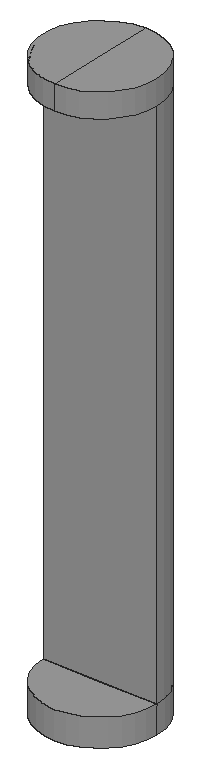
Revit family "99058_HOST_FACE", category Lighting Fixtures, host Face, Revit 2020
Family settings
  Host = Face
  Round Connector Dimension = Use Diameter
  Part Type = Normal
  Cut with Voids When Loaded = Yes
  Light Source = Yes
  Shared = No
  Room Calculation Point = No
Parameters (values of type "Shieleded LED Bollard with asymmetric light distribution on one side")
  Wattage = 9.80868 W
  built-in parameter 1150110 = 1 (stored number, unit not read)
  URL = "www.bega-us.com"
  built-in parameter 1114217 = 1 (stored number, unit not read)
  Tilt Angle = 90.00°
  built-in parameter 1150109 = 1 (stored number, unit not read)
  built-in parameter 1150134 = 12
  Telephone = "805.684.0533"
  built-in parameter 1150113 = 1 (stored number, unit not read)
  Photometric Web File = "99058K4.ies"
  Model = "99 058"
  Manufacturer = "BEGA-US"
  built-in parameter 1150105 = 1457 (stored number, unit not read)
  Lumens = 1457 lm
  built-in parameter 1150115 = 1 (stored number, unit not read)
  built-in parameter 1150137 = (empty or 0)
  built-in parameter 1150139 = (empty or 0)
  built-in parameter 1150112 = 1 (stored number, unit not read)
  built-in parameter 1150114 = 1 (stored number, unit not read)
  Lamp = "18.9W LED"
  built-in parameter 1150132 = 2
  built-in parameter 1150102 = (empty or 0)
  built-in parameter 1150107 = 4000 (stored number, unit not read)
  built-in parameter 1150138 = (empty or 0)
  built-in parameter 1150106 = 14.57 (stored number, unit not read)
  built-in parameter 1150104 = 13.8 (stored number, unit not read)
  Dimming Lamp Color Temperature Shift = <None>
  Description = "Shielded LED Bollard with asymmetric light distribuiton on one side"
  Default Elevation = 0' - 0"
  Color Filter = 16777215
  built-in parameter 1114218 = 1 (stored number, unit not read)
  built-in parameter 1150133 = 10 (stored number, unit not read)
Types (5): name | Wattage | built-in parameter 1150134 | Photometric Web File | Model | built-in parameter 1150105 | Lumens | Lamp | built-in parameter 1150107 | built-in parameter 1150106 | Description | Default Elevation
  (no name) | 9.80868 W | 12 | "99058K4.ies" | "99 058" | 1457 (stored number, unit not read) | 1457 lm | "18.9W LED" | 4000 (stored number, unit not read) | 14.57 (stored number, unit not read) | "Shielded LED Bollard with asymmetric light distribuiton on one side" | 0' - 0"
  Wall Luminaires - Directed Light | 18.4392 W | (empty or 0) | "generic" | "2260LED" | 217.96 (stored number, unit not read) | 2739 lm | "44.6W LED" | 3000 (stored number, unit not read) | 2.1796 (stored number, unit not read) | "Surface wall with cutoff optics" | 6' - 0"
  Wall Luminaires - Linear | 9.92985 W | 9 | "generic" | "4425P" | 117.38 (stored number, unit not read) | 1475 lm | "(1) 39W CF twin-4-p" | 3450 (stored number, unit not read) | 1.1738 (stored number, unit not read) | "Suface wall - linear with white acrylic diffuser" | 6' - 0"
  Bollards | 10.1318 W | 12 | "99058K4.ies" | "99 058" | 119.76 (stored number, unit not read) | 1505 lm | "18.9W LED" | 4000 (stored number, unit not read) | 1.1976 (stored number, unit not read) | "LED bollard with fully shielded light source" | 0' - 0"
  Shieleded LED Bollard with asymmetric light distribution on one side | 9.80868 W | 12 | "99058K4.ies" | "99 058" | 1457 (stored number, unit not read) | 1457 lm | "18.9W LED" | 4000 (stored number, unit not read) | 14.57 (stored number, unit not read) | "Shielded LED Bollard with asymmetric light distribuiton on one side" | 0' - 0"
Reference planes (in)
  plane 1 "Center (Front/Back)": y = 0
  plane 2: z = 0
  plane 3 "Center (Left/Right)": x = 0
Dimensions and locks (in)
  aligned and locked: plane 2 to host face
  aligned and locked: level to host face
Nested families (in)
  nested 1: "99058" at (0, 0, 0), type "99058"
Connectors (in)
  electrical at (0, 0, 0)
    settings: on host face, index 1, voltage 0 V, apparent load 0 VA, apparent load phase1 0 VA, apparent load phase2 0 VA, apparent load phase3 0 VA, power factor 1, load classification "Other", number of poles 1, system type 31, power factor state 1, is connector primary yes, connector utility no, sub classification motor no, connector description ""
Definition of nested family "99058"
  Parameters (values of type "99058")
    Default Elevation = 0' - 0"
  Reference planes (in)
    plane 1 "Center (Front/Back)": y = 0
    plane 2: z = 0
    plane 3 "Center (Left/Right)": x = 0
  Forms (in)
    Revolve 1, solid
      sketch origin (0, 0, 0) x (1, 0, 0) y (0, 0, 1)
        loop
          line (0, 0) -> (3.8125, 0) -> (3.8125, 1.875) -> (0, 1.875) -> (0, 0)
        axis (0, 1.875) -> (0, 0)
      angle from 0 to 360
    Extrusion 2, solid
      sketch origin (0, 0, 0) x (1, 0, 0) y (0, 1, 0)
        loop
          line (-3.8125, 0) -> (3.8125, 0)
          arc (3.8125, 0) -> (0, 3.8125) -> (-3.8125, 0) r 3.8125
        loop
          line (-3.68538, 0.125) -> (3.68538, 0.125)
          arc (3.68538, 0.125) -> (0, 3.6875) -> (-3.68538, 0.125) r 3.6875
      from 1.875 to 37.75
    Revolve 3, solid
      sketch origin (0, 0, 0) x (0, 1, 0) y (0, 0, 1)
        loop
          line (0, 37.75) -> (3.8125, 37.75) -> (3.8125, 39.375) -> (0, 39.375) -> (0, 39.25) -> (3.6875, 39.25) -> (3.6875, 37.875) -> (0, 37.875) -> (0, 37.75)
        axis (0, 39.375) -> (0, 37.75)
      angle from 0 to 360
    Extrusion 4, void
      sketch origin (0, 0, 0) x (1, 0, 0) y (0, 1, 0)
        loop
          line (3.27455, -0.5) -> (-3.27455, -0.5)
          arc (-3.27455, -0.5) -> (0, -3.3125) -> (3.27455, -0.5) r 3.3125
      from 37.75 to 37.875
    Extrusion 5, solid
      sketch origin (0, 0, 0) x (1, 0, 0) y (0, 1, 0)
        loop
          line (3.27455, -0.5) -> (-3.27455, -0.5)
          arc (-3.27455, -0.5) -> (0, -3.3125) -> (3.27455, -0.5) r 3.3125
      from 37.875 to 37.75
  Cuts and joins
    Extrusion 4 cuts Revolve 3
  Dimensions and locks (in)
    aligned and locked: plane 2 to level
